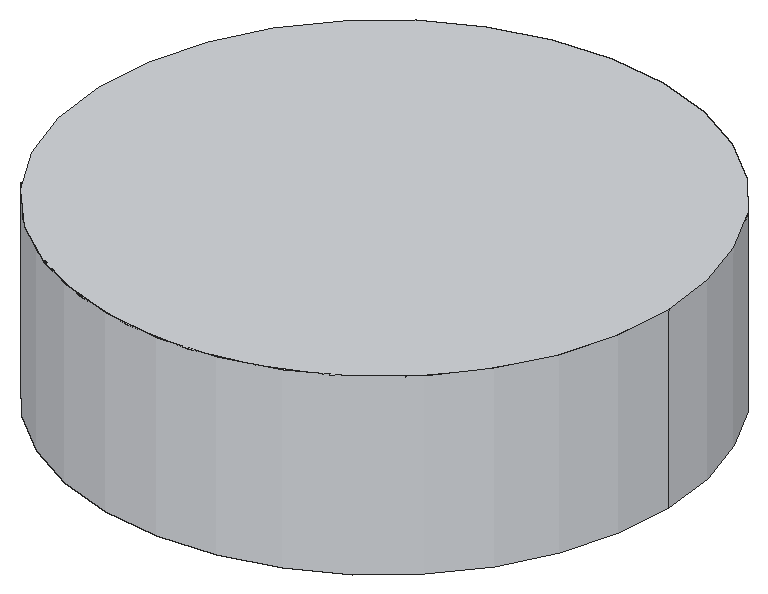
Revit family "電線管用ファミリ(片側のみ)_JBOX", category Electrical Fixtures, Revit 2022
Family settings
  Round Connector Dimension = Use Diameter
  Part Type = Normal
  OmniClass Number = 23.80.00.00
  OmniClass Title = Electric Power and Lighting
  Work Plane-Based = No
  Always vertical = Yes
  Cut with Voids When Loaded = No
  Maintain Annotation Orientation = No
  Shared = No
  Room Calculation Point = No
Parameters
  コネクタ直径 [instance] = 16 mm
  W [instance] = 16 mm
  Default Elevation = 0 mm
  D [instance] = 16 mm
Reference planes
  plane 1 "Center (Front/Back)": y = 0
  plane 2: z = 0
  plane 3 "Center (Left/Right)": x = 0
  plane 4: x = -8
  plane 5: x = 8
  plane 6: y = 8
  plane 7: y = -8
  plane 8: z = 5
Forms (mm)
  Extrusion 1, solid
    sketch origin (0, 0, 0) x (1, 0, 0) y (0, 1, 0)
      loop
        circle (0, 0) r 8
    from 0 to 5
Dimensions and locks
  equal spacing: plane 4, plane 3 "Center (Left/Right)", plane 5
  "W": plane 4 to plane 5
  equal spacing: plane 6, plane 1 "Center (Front/Back)", plane 7
  "D": plane 6 to plane 7
  aligned and locked: level to plane 2
  aligned and locked: plane 8 to Extrusion 1
Automatic sketch dimensions
  plane 1 "Center (Front/Back)" to Extrusion 1 sketch curve = 0 mm
  Extrusion 1 sketch curve to plane 3 "Center (Left/Right)" = 0 mm
  radius of Extrusion 1 sketch curve = 8 mm
Connectors
  cabletrayconduit at (0, 0, 5), diameter 16
    settings: on Extrusion 1, index 1, connector width 300 mm, connector height 300 mm, connector angle 0.00°, system type 32, placement type 0, profile type 0, connector reference index -1, is primary connector yes, connector utility param no, connector description ""
